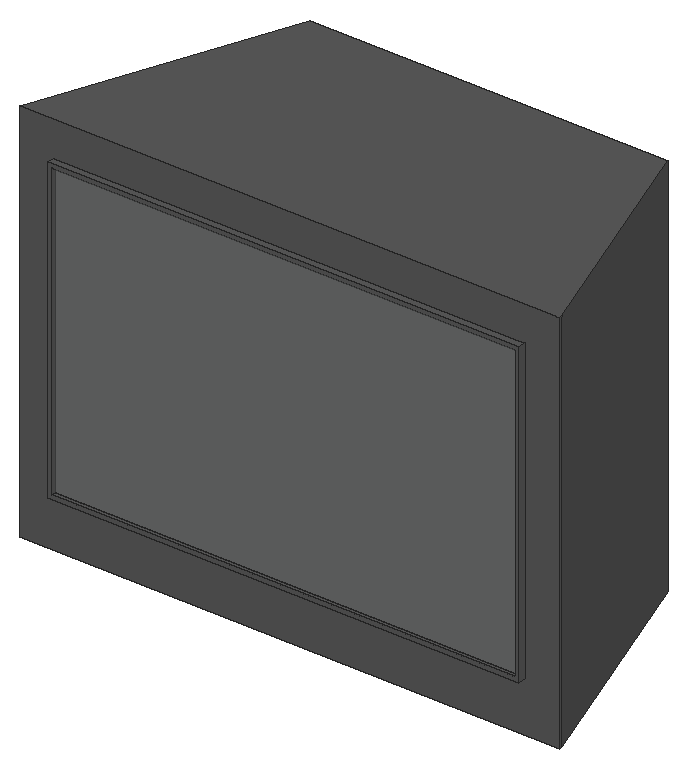
Revit family "EDRSQ34-1", category Generic Models, Revit 2023
Family settings
  Can host rebar = No
  Round Connector Dimension = Use Diameter
  Part Type = Normal
  Work Plane-Based = No
  Always vertical = Yes
  Cut with Voids When Loaded = No
  Maintain Annotation Orientation = No
  Shared = No
  Room Calculation Point = No
Parameters
  URL = "https://www.montigo.com/"
  Model = ""
  Manufacturer Fax = ""
  Manufacturer Website = "https://www.montigo.com/"
  Manufacturer Phone - Toll Free = "800-378-3115"
  Manufacturer Phone = ""
  Manufacturer Address = "27342 Gloucester Way  Langley, BC, Canada   V4W 4A1"
  Manufacturer = "Montigo"
  Keynote = ""
  Glazing Tint = Glass - Montigo - Tint as Specified
  Frame Material = Metal - Montigo - Black
  Firebox Material = Metal - Montigo - White
  Description = "Montigo Fireplace as Specified"
  Default Elevation = 0"
Reference planes (in)
  plane 1 "Center (Front/Back)": y = 0
  plane 2: z = 0
  plane 3 "Center (Left/Right)": x = 0
Forms (in)
  Extrusion 1, solid, material "Metal - Montigo - Black"
    sketch origin (0, 0, 0) x (1, 0, 0) y (0, 1, 0)
      loop
        line (-17, 15.625) -> (-17, 0) -> (17, 0) -> (17, 15.625) -> (-17, 15.625)
    from 0 to 24.3125
  Extrusion 2, void
    sketch origin (0, 0, 0) x (1, 0, 0) y (0, 1, 0)
      loop
        line (17, 15.625) -> (11.32334, 15.625) -> (17, 0.16709) -> (17, 15.625)
      loop
        line (-11.23426, 15.625) -> (-17, 15.625) -> (-17, 0.0441) -> (-11.23426, 15.625)
    from 0 to 24.3125
  Extrusion 3, solid, material "Metal - Montigo - Black"
    sketch origin (0, 0, 0) x (1, 0, 0) y (0, 1, 0)
      loop
        line (-14.84375, 0) -> (-14.84375, -0.46957) -> (14.84375, -0.46957) -> (14.84375, 0) -> (-14.84375, 0)
    from 3.16797 to 22.10547
  Extrusion 4, void
    sketch origin (19.1875, -6.15625, 0) x (-1, 0, 0) y (0, 0, -1)
      loop
        line (33.78125, -21.85547) -> (33.78125, -3.41797) -> (4.59375, -3.41797) -> (4.59375, -21.85547) -> (33.78125, -21.85547)
    from -5.91234 to -5.67115
Cuts and joins
  Extrusion 2 cuts Extrusion 1
  Extrusion 4 cuts Extrusion 3
Lines and regions (in)
  symbolic lines
    curve 1: line (129.0333, -6.15625, 107.49519) -> (129.0333, -6.15625, 106.74519)
Dimensions and locks (in)
  aligned and locked: level to plane 2
